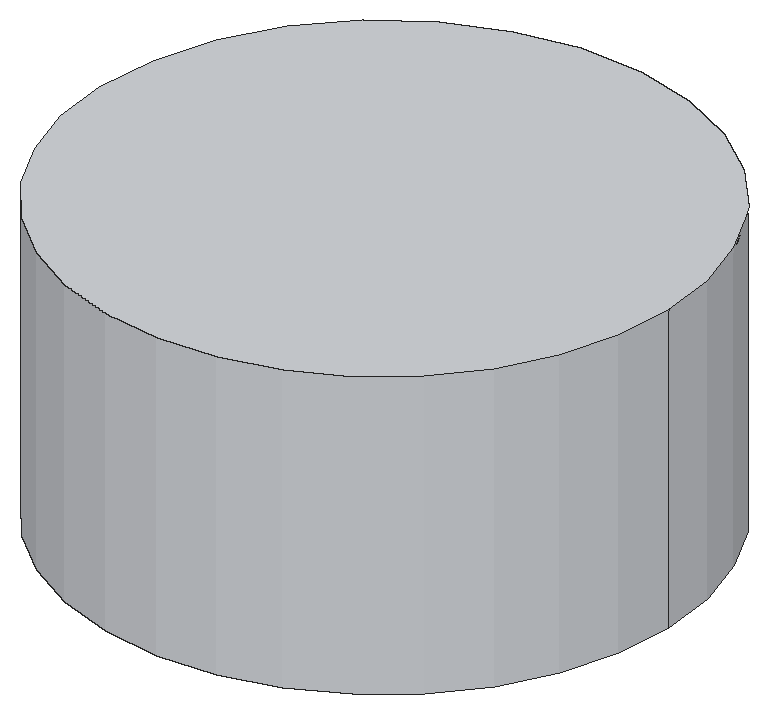
Revit family "09300800", category Specialty Equipment, Revit 2020
Family settings
  Round Connector Dimension = Use Diameter
  Part Type = Normal
  OmniClass Number = 23.40.40.14
  OmniClass Title = Food Service Equipment
  Work Plane-Based = No
  Always vertical = Yes
  Cut with Voids When Loaded = No
  Shared = No
  Room Calculation Point = No
Parameters (values of type "Standard")
  URL = "https://www.rustfriebergh.no/produkter/vannbad-varmeskap-varmeri/varmeskap-med-varm-topp-vsr-v/"
  Model = "09300800"
  Manufacturer = "RUSTFRIE BERGH AS"
  Description = "VSR 800-V"
  Default Elevation = 0 mm
Reference planes
  plane 1 "Center (Front/Back)": y = 0
  plane 2: z = 0
  plane 3 "Center (Left/Right)": x = 0
Forms (mm)
  Extrusion 1, solid
    sketch origin (316.573, 122.361, 150) x (0, 1, 0) y (1, 0, 0)
      loop
        circle (0, 0) r 3.048
    from 0 to -3.048
Dimensions and locks
  aligned and locked: level to plane 2
Connectors
  electrical at (316.573, 122.361, 150)
    settings: on Extrusion 1, index 1, voltage 0 V, apparent load 1550 VA, apparent load phase1 0 VA, apparent load phase2 0 VA, apparent load phase3 0 VA, power factor 0, load classification "Other", number of poles 1, system type 30, power factor state 1, is connector primary yes, connector utility no, sub classification motor no, connector description "230V 50/60 HZ 6,74A"
